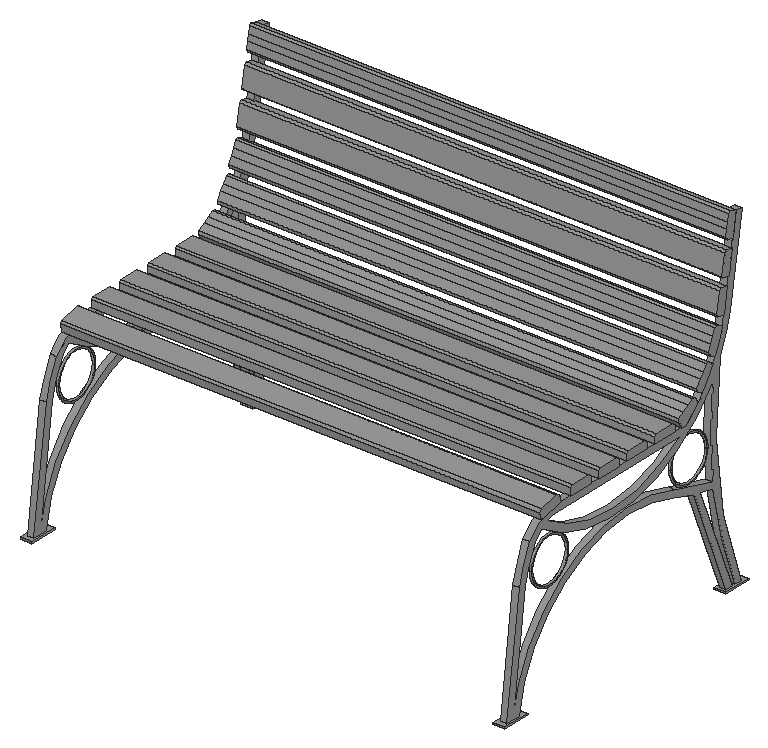
Revit family "7049 Скамейка стальная «Бульвар» без подлокотников Хоббика", category Антураж, Revit 2018
Family settings
  На основе рабочей плоскости = Нет
  Всегда вертикально = Да
  При загрузке вырезать с полостями = Нет
  Источник визуального образа = Геометрия семейства
  Общий = Нет
  Точка расчета площади = Нет
Parameters (values of type "Версия 1,2 м")
  Ширина = 760 mm  # constant formula
  Цвет опоры = Сталь
  Цвет лавки = Дерево
  Средняя опора = or([Версия 2,0 м (3 опоры)], [Версия 3,0 м (3 опоры)])  # no
  Описание = if([Версия 0,6 м (кресло)], "Скамейка стальная «Бульвар» без подлокотников. Версия 0,6 м Кресло", if([Версия 1,2 м], "Скамейка стальная «Бульвар» без подлокотников. Версия 1,2 м", if([Версия 1,5 м], "Скамейка стальная «Бульвар» без подлокотников. Версия 1,5 м", if([Версия 1,8 м], "Скамейка стальная «Бульвар» без подлокотников. Версия 1,8 м", if([Версия 2,0 м (3 опоры)], "Скамейка стальная «Бульвар» без подлокотников. Версия 2,0 м (3 опоры)", "Скамейка стальная «Бульвар» без подлокотников. Версия 3,0 м (3 опоры)")))))  # "Скамейка стальная «Бульвар» без подлокотников. Версия 1,2 м"
  Материал изделия = "Сталь, дерево"  # constant formula
  Изображение типоразмера = Скамейка стальная «Бульвар» без подлокотников Арт 7049 2 опоры.jpg
  Изготовитель = "ООО «Хоббика»"  # constant formula
  Длина = if([Версия 0,6 м (кресло)], 600 mm, if([Версия 1,2 м], 1200 mm, if([Версия 1,5 м], 1500 mm, if([Версия 1,8 м], 1800 mm, if([Версия 2,0 м (3 опоры)], 2000 mm, 3000 mm)))))  # 1200 mm
  Группа модели = "Садовые скамейки"  # constant formula
  Высота = 840 mm  # constant formula
  Версия 3,0 м (3 опоры) = no
  Версия 2,0 м (3 опоры) = no
  Версия 1,8 м = no
  Версия 1,5 м = no
  Версия 1,2 м = yes
  Версия 0,6 м (кресло) = no
  Артикул товара = "Арт. 7049"  # constant formula
  URL = "https://hobbyka.ru/product/skameika_bulvar_bez_podlokotnikov/"
Types (7, lengths in mm): name | Средняя опора | Описание | Изображение типоразмера | Длина | Версия 3,0 м (3 опоры) | Версия 2,0 м (3 опоры) | Версия 1,8 м | Версия 1,5 м | Версия 1,2 м | Версия 0,6 м (кресло)
  (no name) | no | "Скамейка стальная «Бульвар» без подлокотников. Версия 1,2 м" | Скамейка стальная «Бульвар» без подлокотников Арт 7049 2 опоры.jpg | 1200 | no | no | no | no | yes | no
  Версия 0,6 м (кресло) | no | "Скамейка стальная «Бульвар» без подлокотников. Версия 0,6 м Кресло" | Скамейка стальная «Бульвар» без подлокотников Арт 7049 кресло.jpg | 600 | no | no | no | no | no | yes
  Версия 1,2 м | no | "Скамейка стальная «Бульвар» без подлокотников. Версия 1,2 м" | Скамейка стальная «Бульвар» без подлокотников Арт 7049 2 опоры.jpg | 1200 | no | no | no | no | yes | no
  Версия 1,5 м | no | "Скамейка стальная «Бульвар» без подлокотников. Версия 1,5 м" | Скамейка стальная «Бульвар» без подлокотников Арт 7049 2 опоры.jpg | 1500 | no | no | no | yes | no | no
  Версия 1,8 м | no | "Скамейка стальная «Бульвар» без подлокотников. Версия 1,8 м" | Скамейка стальная «Бульвар» без подлокотников Арт 7049 2 опоры.jpg | 1800 | no | no | yes | no | no | no
  Версия 2,0 м (3 опоры) | yes | "Скамейка стальная «Бульвар» без подлокотников. Версия 2,0 м (3 опоры)" | Скамейка стальная «Бульвар» без подлокотников Арт 7049 3 опоры.jpg | 2000 | no | yes | no | no | no | no
  Версия 3,0 м (3 опоры) | yes | "Скамейка стальная «Бульвар» без подлокотников. Версия 3,0 м (3 опоры)" | Скамейка стальная «Бульвар» без подлокотников Арт 7049 3 опоры.jpg | 3000 | yes | no | no | no | no | no
Reference planes
  plane 1 "По центру (Вперед/Назад)": y = 0
  plane 2: z = 0
  plane 3 "По центру (Влево/Вправо)": x = 0
  plane 4: x = 1200
  plane 5: y = 760
  plane 6: x = 600
  plane 7: z = 840
Forms (mm)
  Extrusion 1, solid, material "Дерево" <- "Цвет лавки"
    sketch origin (0, 0, 0) x (0, 1, 0) y (0, 0, 1)
      loop
        line (708.134, 839.844) -> (705.369, 824.841) -> (702.446, 808.976) -> (698.92, 789.836) -> (702.999, 783.914) -> (719.196, 780.93) -> (729.459, 841.085) -> (714.056, 843.923) -> (708.134, 839.844)
      loop
        line (715.945, 761.879) -> (699.642, 764.648) -> (693.777, 760.486) -> (685.262, 710.355) -> (689.424, 704.491) -> (705.683, 701.729) -> (715.945, 761.879)
      loop
        line (702.273, 681.746) -> (685.201, 685.294) -> (679.188, 681.35) -> (668.842, 631.565) -> (672.786, 625.552) -> (692.004, 621.558) -> (702.273, 681.746)
      loop
        line (675.675, 568.12) -> (685.479, 596.871) -> (686.089, 599.321) -> (671.537, 605.966) -> (664.799, 603.452) -> (658.463, 589.575) -> (651.763, 574.9) -> (643.68, 557.196) -> (646.194, 550.458) -> (664.302, 542.191) -> (675.675, 568.12)
      loop
        line (632.243, 488.255) -> (648.961, 513.617) -> (656.638, 527.733) -> (644.215, 536.251) -> (637.146, 534.934) -> (628.518, 522.352) -> (619.395, 509.048) -> (608.389, 492.997) -> (609.707, 485.928) -> (623.144, 476.713) -> (632.243, 488.255)
      loop
        line (583.141, 433.619) -> (592.681, 442.222) -> (610.137, 460.873) -> (600.876, 475.264) -> (593.848, 476.789) -> (581.02, 468.534) -> (567.453, 459.805) -> (551.087, 449.273) -> (549.563, 442.246) -> (559.748, 426.418) -> (571.95, 426.418) -> (583.141, 433.619)
      loop
        line (537.687, 426.404) -> (537.698, 442.768) -> (532.617, 447.856) -> (481.768, 447.891) -> (476.68, 442.81) -> (476.668, 426.404) -> (537.687, 426.404)
      loop
        line (450.205, 426.404) -> (450.216, 442.768) -> (445.135, 447.856) -> (394.286, 447.891) -> (389.198, 442.81) -> (389.186, 426.404) -> (450.205, 426.404)
      loop
        line (362.723, 426.404) -> (362.734, 442.768) -> (357.653, 447.856) -> (306.804, 447.891) -> (301.716, 442.81) -> (301.704, 426.404) -> (362.723, 426.404)
      loop
        line (275.241, 426.404) -> (275.252, 442.768) -> (270.171, 447.856) -> (219.322, 447.891) -> (214.234, 442.81) -> (214.222, 426.404) -> (275.241, 426.404)
      loop
        line (180.605, 426.405) -> (176.845, 443.982) -> (170.809, 447.891) -> (121.085, 437.255) -> (117.176, 431.219) -> (121.34, 411.752) -> (180.605, 426.405)
    from 0 to 1200
Dimensions and locks
  "Ширина": plane 5 to plane 1 "По центру (Вперед/Назад)"
  "Длина": plane 3 "По центру (Влево/Вправо)" to plane 4
  equal spacing: plane 3 "По центру (Влево/Вправо)", plane 6, plane 4
  "Высота": plane 7 to level
  aligned and locked: level to plane 2
  aligned and locked: nested 1 to plane 3 "По центру (Влево/Вправо)"
  aligned and locked: plane 4 to nested 3
  aligned and locked: nested 2 to plane 6
  aligned and locked: Extrusion 1 to plane 3 "По центру (Влево/Вправо)"
  aligned and locked: plane 4 to Extrusion 1
Automatic sketch dimensions
  Extrusion 1 sketch curve to plane 1 "По центру (Вперед/Назад)" = 117.176 mm
  Extrusion 1 sketch curve to Extrusion 1 sketch curve = 6.036 mm  (x2)
  Extrusion 1 sketch curve to Extrusion 1 sketch curve = 5.081 mm  (x8)
  Extrusion 1 sketch curve to Extrusion 1 sketch curve = 5.088 mm  (x5)
  Extrusion 1 sketch curve to Extrusion 1 sketch curve = 26.463 mm  (x3)
  Extrusion 1 sketch curve to Extrusion 1 sketch curve = 11.864 mm
  Extrusion 1 sketch curve to Extrusion 1 sketch curve = 1.525 mm  (x2)
  Extrusion 1 sketch curve to Extrusion 1 sketch curve = 10.185 mm
  Extrusion 1 sketch curve to Extrusion 1 sketch curve = 16.366 mm
  Extrusion 1 sketch curve to Extrusion 1 sketch curve = 12.202 mm
  Extrusion 1 sketch curve to Extrusion 1 sketch curve = 13.566 mm
  Extrusion 1 sketch curve to Extrusion 1 sketch curve = 11.191 mm
  Extrusion 1 sketch curve to Extrusion 1 sketch curve = 9.54 mm
  Extrusion 1 sketch curve to Extrusion 1 sketch curve = 12.829 mm
  Extrusion 1 sketch curve to Extrusion 1 sketch curve = 7.028 mm  (x2)
  Extrusion 1 sketch curve to Extrusion 1 sketch curve = 7.513 mm
  Extrusion 1 sketch curve to Extrusion 1 sketch curve = 1.318 mm  (x2)
  Extrusion 1 sketch curve to Extrusion 1 sketch curve = 9.261 mm
  Extrusion 1 sketch curve to Extrusion 1 sketch curve = 11.006 mm
  Extrusion 1 sketch curve to Extrusion 1 sketch curve = 13.437 mm
  Extrusion 1 sketch curve to Extrusion 1 sketch curve = 9.123 mm
  Extrusion 1 sketch curve to Extrusion 1 sketch curve = 9.099 mm
  Extrusion 1 sketch curve to Extrusion 1 sketch curve = 8.627 mm
  Extrusion 1 sketch curve to Extrusion 1 sketch curve = 6.535 mm
  Extrusion 1 sketch curve to Extrusion 1 sketch curve = 7.069 mm  (x2)
  Extrusion 1 sketch curve to Extrusion 1 sketch curve = 2.514 mm  (x2)
  Extrusion 1 sketch curve to Extrusion 1 sketch curve = 20.443 mm
  Extrusion 1 sketch curve to Extrusion 1 sketch curve = 8.083 mm
  Extrusion 1 sketch curve to Extrusion 1 sketch curve = 12.423 mm
  Extrusion 1 sketch curve to Extrusion 1 sketch curve = 6.7 mm
  Extrusion 1 sketch curve to Extrusion 1 sketch curve = 7.664 mm
  Extrusion 1 sketch curve to Extrusion 1 sketch curve = 6.336 mm
  Extrusion 1 sketch curve to Extrusion 1 sketch curve = 6.737 mm  (x2)
  Extrusion 1 sketch curve to Extrusion 1 sketch curve = 1.249 mm
  Extrusion 1 sketch curve to Extrusion 1 sketch curve = 23.912 mm
  Extrusion 1 sketch curve to Extrusion 1 sketch curve = 6.402 mm
  Extrusion 1 sketch curve to Extrusion 1 sketch curve = 6.013 mm  (x2)
  Extrusion 1 sketch curve to Extrusion 1 sketch curve = 13.943 mm
  Extrusion 1 sketch curve to Extrusion 1 sketch curve = 0.61 mm
  Extrusion 1 sketch curve to Extrusion 1 sketch curve = 4.223 mm
  Extrusion 1 sketch curve to Extrusion 1 sketch curve = 4.353 mm
  Extrusion 1 sketch curve to Extrusion 1 sketch curve = 5.143 mm
  Extrusion 1 sketch curve to Extrusion 1 sketch curve = 5.865 mm  (x2)
  Extrusion 1 sketch curve to Extrusion 1 sketch curve = 17.072 mm
  Extrusion 1 sketch curve to Extrusion 1 sketch curve = 3.526 mm
  Extrusion 1 sketch curve to Extrusion 1 sketch curve = 4.079 mm  (x2)
  Extrusion 1 sketch curve to Extrusion 1 sketch curve = 2.923 mm
  Extrusion 1 sketch curve to Extrusion 1 sketch curve = 16.259 mm
  Extrusion 1 sketch curve to Extrusion 1 sketch curve = 2.764 mm
  Extrusion 1 sketch curve to Extrusion 1 sketch curve = 5.922 mm  (x2)
  Extrusion 1 sketch curve to Extrusion 1 sketch curve = 16.304 mm
  Extrusion 1 sketch curve to Extrusion 1 sketch curve = 16.197 mm
  Extrusion 1 sketch curve to Extrusion 1 sketch curve = 15.404 mm
  level to Extrusion 1 sketch curve = 426.418 mm
  Extrusion 1 sketch curve to Extrusion 1 sketch curve = 0 mm  (x3)
  Extrusion 1 sketch curve to Extrusion 1 sketch curve = 7.201 mm
  Extrusion 1 sketch curve to Extrusion 1 sketch curve = 8.602 mm
  Extrusion 1 sketch curve to Extrusion 1 sketch curve = 15.828 mm
  Extrusion 1 sketch curve to Extrusion 1 sketch curve = 0.522 mm  (x2)
  Extrusion 1 sketch curve to Extrusion 1 sketch curve = 0.042 mm  (x4)
  Extrusion 1 sketch curve to Extrusion 1 sketch curve = 1.173 mm
  Extrusion 1 sketch curve to Extrusion 1 sketch curve = 3.909 mm  (x2)
  Extrusion 1 sketch curve to Extrusion 1 sketch curve = 10.531 mm
  Extrusion 1 sketch curve to Extrusion 1 sketch curve = 18.651 mm
  Extrusion 1 sketch curve to Extrusion 1 sketch curve = 8.73 mm
  Extrusion 1 sketch curve to Extrusion 1 sketch curve = 14.392 mm
  Extrusion 1 sketch curve to Extrusion 1 sketch curve = 15.841 mm
  Extrusion 1 sketch curve to Extrusion 1 sketch curve = 10.663 mm
  Extrusion 1 sketch curve to Extrusion 1 sketch curve = 11.542 mm
  Extrusion 1 sketch curve to Extrusion 1 sketch curve = 16.05 mm
  Extrusion 1 sketch curve to Extrusion 1 sketch curve = 4.569 mm
  Extrusion 1 sketch curve to Extrusion 1 sketch curve = 13.305 mm
  Extrusion 1 sketch curve to Extrusion 1 sketch curve = 14.116 mm
  Extrusion 1 sketch curve to Extrusion 1 sketch curve = 12.581 mm
  Extrusion 1 sketch curve to Extrusion 1 sketch curve = 14.458 mm
  Extrusion 1 sketch curve to Extrusion 1 sketch curve = 14.207 mm
  Extrusion 1 sketch curve to Extrusion 1 sketch curve = 25.929 mm
  Extrusion 1 sketch curve to Extrusion 1 sketch curve = 17.704 mm
  Extrusion 1 sketch curve to Extrusion 1 sketch curve = 14.675 mm
  Extrusion 1 sketch curve to Extrusion 1 sketch curve = 7.296 mm
  Extrusion 1 sketch curve to Extrusion 1 sketch curve = 2.45 mm
  Extrusion 1 sketch curve to Extrusion 1 sketch curve = 13.877 mm
  Extrusion 1 sketch curve to Extrusion 1 sketch curve = 19.586 mm
  Extrusion 1 sketch curve to Extrusion 1 sketch curve = 0.396 mm
  Extrusion 1 sketch curve to Extrusion 1 sketch curve = 3.944 mm  (x2)
  Extrusion 1 sketch curve to Extrusion 1 sketch curve = 19.983 mm
  Extrusion 1 sketch curve to Extrusion 1 sketch curve = 2.762 mm
  Extrusion 1 sketch curve to Extrusion 1 sketch curve = 1.392 mm
  Extrusion 1 sketch curve to Extrusion 1 sketch curve = 4.162 mm  (x2)
  Extrusion 1 sketch curve to Extrusion 1 sketch curve = 19.051 mm
  Extrusion 1 sketch curve to Extrusion 1 sketch curve = 2.984 mm
  Extrusion 1 sketch curve to Extrusion 1 sketch curve = 19.14 mm
  Extrusion 1 sketch curve to Extrusion 1 sketch curve = 15.865 mm
  Extrusion 1 sketch curve to Extrusion 1 sketch curve = 15.003 mm
  Extrusion 1 sketch curve to Extrusion 1 sketch curve = 1.241 mm
  Extrusion 1 sketch curve to Extrusion 1 sketch curve = 4.164 mm
  Extrusion 1 sketch curve to Extrusion 1 sketch curve = 49.724 mm
  Extrusion 1 sketch curve to Extrusion 1 sketch curve = 37.377 mm
  Extrusion 1 sketch curve to Extrusion 1 sketch curve = 33.617 mm
  Extrusion 1 sketch curve to Extrusion 1 sketch curve = 0.011 mm  (x8)
  Extrusion 1 sketch curve to Extrusion 1 sketch curve = 50.849 mm  (x4)
  Extrusion 1 sketch curve to Extrusion 1 sketch curve = 19.218 mm
  Extrusion 1 sketch curve to Extrusion 1 sketch curve = 16.363 mm  (x3)
  Extrusion 1 sketch curve to Extrusion 1 sketch curve = 17.578 mm
  Extrusion 1 sketch curve to Extrusion 1 sketch curve = 19.467 mm
  Extrusion 1 sketch curve to Extrusion 1 sketch curve = 10.636 mm
  Extrusion 1 sketch curve to Extrusion 1 sketch curve = 0.035 mm  (x4)
  Extrusion 1 sketch curve to Extrusion 1 sketch curve = 3.994 mm
  Extrusion 1 sketch curve to Extrusion 1 sketch curve = 49.785 mm
  Extrusion 1 sketch curve to Extrusion 1 sketch curve = 50.131 mm
Nested families
  nested 1: "Скамейка стальная «Бульвар» без подлокотников Арт 7049 опоры" at (8.5, 0, 0), type "Скамейка стальная «Бульвар» без подлокотников Арт 7049 опоры"
  nested 2: "Скамейка стальная «Бульвар» без подлокотников Арт 7049 опоры" at (600, 0, 0), visible <- "Средняя опора", type "Скамейка стальная «Бульвар» без подлокотников Арт 7049 опоры"
  nested 3: "Скамейка стальная «Бульвар» без подлокотников Арт 7049 опоры" at (1191.5, 0, 0), type "Скамейка стальная «Бульвар» без подлокотников Арт 7049 опоры"
Definition of nested family "Скамейка стальная «Бульвар» без подлокотников Арт 7049 опоры"
  Parameters (values of type "Скамейка стальная «Бульвар» без подлокотников Арт 7049 опоры")
    Цвет опоры = none
    Height = 0 mm
  Reference planes
    plane 1 "По центру (Вперед/Назад)": y = 0
    plane 2: z = 0
    plane 3 "По центру (Влево/Вправо)": x = 0
  Forms (mm)
    Extrusion 1, solid, material <- "Цвет опоры"
      sketch origin (0, 0, 0) x (0, 1, 0) y (0, 0, 1)
        loop
          arc (680.431, 535.406) -> (698.637, 577.964) -> (709.972, 622.843) r 295.487
          line (709.972, 622.843) -> (746.499, 836.918) -> (727.973, 840) -> (691.641, 621.633)
          arc (691.641, 621.633) -> (673.645, 557.285) -> (642.296, 498.278) r 310.433
          arc (642.296, 498.278) -> (612.559, 460.193) -> (578.019, 426.404) r 362.281
          line (578.019, 426.404) -> (175.292, 426.404)
          arc (175.292, 426.404) -> (124.669, 413.823) -> (85.854, 378.976) r 107.963
          arc (85.854, 378.976) -> (67.213, 335.714) -> (54.055, 290.481) r 380.82
          arc (54.055, 290.481) -> (28.179, 147.713) -> (14.342, 3.281) r 1732.212
          line (14.342, 3.281) -> (31.367, 3.281)
          arc (31.367, 3.281) -> (45.082, 145.837) -> (70.641, 286.752) r 1715.212
          arc (70.641, 286.752) -> (83.024, 329.442) -> (100.52, 370.304) r 363.82
          arc (100.52, 370.304) -> (110.608, 382.439) -> (122.641, 392.648) r 90.963
          arc (122.641, 392.648) -> (409.715, 328.415) -> (656.363, 488.732) r 379.281
          arc (656.363, 488.732) -> (649.574, 375.902) -> (656.321, 263.069) r 943.931
          arc (656.321, 263.069) -> (597.307, 277.294) -> (539.843, 296.864) r 662.051
          arc (539.843, 296.864) -> (215.325, 272.42) -> (32.367, 3.281) r 374.645
          line (32.367, 3.281) -> (49.564, 3.281)
          arc (49.564, 3.281) -> (224.935, 258.337) -> (533.631, 281.039) r 357.645
          arc (533.631, 281.039) -> (565.027, 269.597) -> (596.948, 259.712) r 679.051
          line (596.948, 259.712) -> (698.763, 3.281) -> (717.054, 3.281) -> (617.4, 254.27)
          arc (617.4, 254.27) -> (637.942, 249.482) -> (658.623, 245.335) r 679.051
          arc (658.623, 245.335) -> (684.3, 122.05) -> (726.158, 3.281) r 943.931
          line (726.158, 3.281) -> (744.691, 3.281)
          arc (744.691, 3.281) -> (673.26, 264.597) -> (680.431, 535.406) r 926.931
        loop
          arc (175.288, 409.404) -> (156.809, 407.516) -> (139.099, 401.912) r 90.963
          arc (139.099, 401.912) -> (349.015, 339.472) -> (556.556, 409.404) r 362.281
          line (556.556, 409.404) -> (175.288, 409.404)
      from -8.5 to 8.5
    Sweep 2, solid, material <- "Цвет опоры"
      path origin (0, 0, 0) x (0, 1, 0) y (0, 0, 1)
        loop
          circle (590.665, 342.112) r 58.96
      profile origin (0, 590.665, 283.151) x (0, 0, 1) y (1, 0, 0)
        loop
          circle (2.5, 0) r 2.5
    Sweep 3, solid, material <- "Цвет опоры"
      path origin (0, 0, 0) x (0, 1, 0) y (0, 0, 1)
        loop
          circle (154.747, 306.187) r 58.96
      profile origin (0, 154.747, 247.226) x (0, 0, 1) y (1, 0, 0)
        loop
          circle (2.5, 0) r 2.5
    Extrusion 4, solid, material <- "Цвет опоры"
      sketch origin (0, 0, 0) x (0, 1, 0) y (0, 0, 1)
        loop
          line (760, 3.281) -> (688.921, 3.281) -> (688.921, 0) -> (760, 0) -> (760, 3.281)
        loop
          line (0, 3.281) -> (0, 0) -> (71.079, 0) -> (71.079, 3.281) -> (0, 3.281)
      from -15 to 15
  Dimensions and locks
    aligned and locked: level to plane 2
